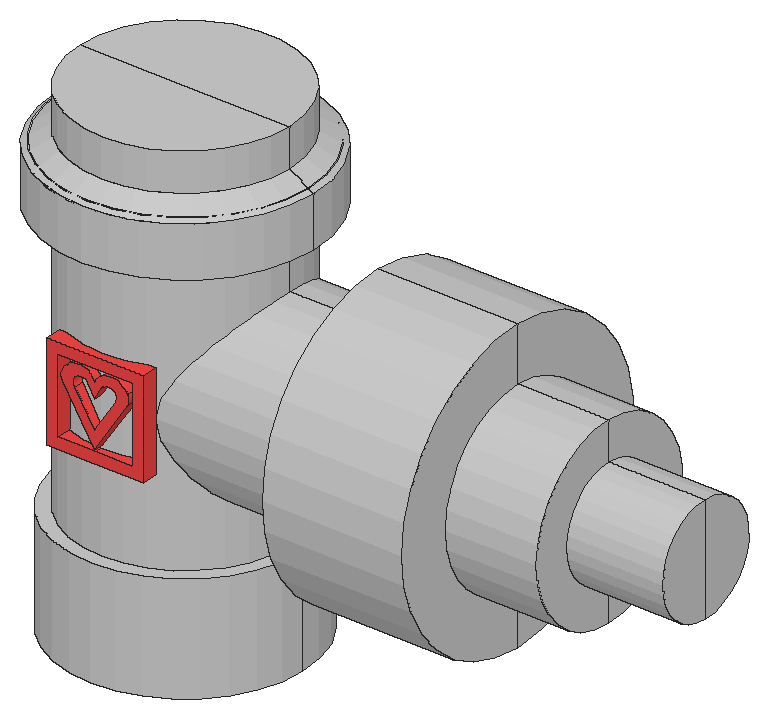
Revit family "Клапан для отключения радиатора HERZ-RL-5 с возможностью гидравлической настройки и слива, угловой 3924", category Rohrzubehör, Revit 2020
Family settings
  Bemaßung runder Anschluss = Durchmesser verwenden
  Teiletyp = Unterbricht
  OmniClass-Nummer = 23.65.55.14
  OmniClass-Titel = Valves for Liquid Services
  Arbeitsebenenbasiert = Nein
  Immer vertikal = Nein
  Beim Laden mit Abzugskörper schneiden = Nein
  Gemeinsam genutzt = Nein
Parameters
  Среда = "Качество воды в соответствии с ÖNORM H 5195 или директивой VDI 2035."
  Область применения = "Система водяного отопления. С помощью установки радиаторных запорных клапанов возможно осуществить перекрытие обратного потока нагревательных приборов. При одновременном перекрытии с клапаном на подающем трубопроводе возможен демонтаж радиатора в системе, которая находится под давлением. Промывку радиатора или ремонт помещения (оклеивание обоями, облицовку плиткой) можно проводить, не прерывая работу системы. С помощью клапана для отключения радиатора HERZ-RL-5 можно настроить расход воды, протекающей через радиатор, в соответствии с требуемой мощностью. Установка данного клапана особенно рекомендуется при монтаже термостатических клапанов без преднастройки, что способствует экономному расходу воды и поддержанию устойчивой работы системы.  При помощи клапана HERZ-RL-5 можно заполнить или опорожнить радиаторы или систему."
  Номер заказа [instance] = size_lookup("3924_5_", "Artnr", 0, Nennweite)  # 1392400
  Макс. рабочее давление = 1000000.0 Pa  # constant formula
  Макс. рабочая температура = 120 °C  # constant formula
  Корпус = "Никелированная латунь"  # constant formula
  Исполнение = "Все модели поставляются в никелированном исполнении, это универсальные модели со специальной муфтой для резьбовой трубы и компрессионных фитингов."
  W01 = 120.00°  # constant formula
  Vorgabe-Ansicht = 0.000 mm
  URL = "www.herz-armaturen.ru"
  SCRNSEQ = "ARM;ARM_TYP=\"ALLF\";2"
  SCRNCODE = "05;01;02"  # constant formula
  S04 = 45.000 mm  # constant formula
  S03 [instance] = H02 - 5.000 mm + 41.000 mm  # 54.000 mm
  S02 [instance] = L04 + L03 - L02  # 23.000 mm
  S01 = 10.000 mm  # constant formula
  R04 = 9.750 mm  # constant formula
  R03 = 12.000 mm  # constant formula
  R02 = 9.750 mm  # constant formula
  Nennweite [instance] = 10.000 mm
  LO1 [instance] = D03 - 0.500 mm  # 11.000 mm
  L04 [instance] = size_lookup("3924_5_", "L4", 1.000 mm, Nennweite)  # 17.500 mm
  L03 [instance] = size_lookup("3924_5_", "L3", 1.000 mm, Nennweite)  # 13.000 mm
  L02 [instance] = size_lookup("3924_5_", "L2", 1.000 mm, Nennweite)  # 7.500 mm
  L01 [instance] = size_lookup("3924_5_", "L1", 1.000 mm, Nennweite)  # 25.500 mm
  Hersteller = "HERZ Armaturen Ges.m.b.H."  # constant formula
  H07 [instance] = H02 - H04  # 13.000 mm
  H06 = 3.500 mm  # constant formula
  H05 = 9.500 mm  # constant formula
  H04 = 5.000 mm  # constant formula
  H03 [instance] = size_lookup("3924_5_", "H3", 1.000 mm, Nennweite)  # 10.000 mm
  H02 [instance] = size_lookup("3924_5_", "H2", 1.000 mm, Nennweite)  # 18.000 mm
  H01 [instance] = size_lookup("3924_5_", "H1", 1.000 mm, Nennweite)  # 22.500 mm
  GT1 [instance] = size_lookup("3924_5_", "GT1", 1.000 mm, Nennweite)  # 9.000 mm
  GT [instance] = size_lookup("3924_5_", "GT", 1.000 mm, Nennweite)  # 10.000 mm
  G2 [instance] = Nennweite / 2  # 5.000 mm
  G1 [instance] = Nennweite / 2  # 5.000 mm
  R01 = 11.000 mm  # constant formula
  D06 [instance] = 8.750 mm  # constant formula
  D05 [instance] = size_lookup("3924_5_", "D5", 1.000 mm, Nennweite)  # 8.500 mm
  D04 [instance] = size_lookup("3924_5_", "D4", 1.000 mm, Nennweite)  # 13.500 mm
  D03 [instance] = 11.500 mm  # constant formula
  D02 [instance] = size_lookup("3924_5_", "D2", 1.000 mm, Nennweite)  # 7.940 mm
  D01 [instance] = size_lookup("3924_5_", "D1", 1.000 mm, Nennweite)  # 11.000 mm
Reference planes
  plane 1 "Mitte (Vorne/hinten)": y = 0
  plane 2: z = 0
  plane 3 "Mitte (Links/rechts)": x = 0
Forms (mm)
  Revolve 1, solid, material "Messing, weicher Gelbton, geschweißt", detail levels fine
    sketch origin (0, 0, 0) x (1, 0, 0) y (0, 0, 1)
      loop
        line (0, 18) -> (-11.5, 18) -> (-11.5, 13) -> (-9.75, 13) -> (-9.75, -12.5) -> (-11, -12.5) -> (-11, -22.5) -> (-5, -22.5) -> (-5, -12.5) -> (0, -12.5) -> (0, 18)
      axis (0, 18) -> (0, -22.5)
    angle from 0 to 360
  Revolve 2, solid, material "Messing, weicher Gelbton, geschweißt", detail levels fine
    sketch origin (0, 0, 0) x (1, 0, 0) y (0, 0, 1)
      loop
        line (0, 0) -> (25.5, 0) -> (25.5, 7.94) -> (18, 7.94) -> (18, 8.75) -> (0, 8.75) -> (0, 0)
      axis (0, 0) -> (25.5, 0)
    angle from 0 to 360
  Revolve 3, solid, material "Messing, weicher Gelbton, geschweißt", detail levels fine
    sketch origin (-1, 0, 0) x (1, 0, 0) y (0, 0, 1)
      loop
        line (26.5, 0) -> (49.5, 0) -> (49.5, 5) -> (40.5, 5) -> (40.5, 8.5) -> (32, 8.5) -> (32, 13.5) -> (19, 13.5) -> (19, 7.94) -> (26.5, 7.94) -> (26.5, 0)
      axis (19, 0) -> (49.5, 0)
    angle from 0 to 360
  Revolve 4, solid, material "Messing, weicher Gelbton, geschweißt", detail levels fine
    sketch origin (0, 0, 1.5) x (1, 0, 0) y (0, 0, 1)
      loop
        line (0, 11.5) -> (12, 11.5) -> (12, 16.201) -> (9.75, 17.5) -> (9.75, 21) -> (0, 21) -> (0, 11.5)
      axis (0, 21) -> (0, 11.5)
    angle from 0 to 360
Lines and regions (mm)
  model lines, detail levels coarse+medium
    curve 1: line (0, 0, 0) -> (11, 0, -22.5)
    curve 2: line (11, 0, -22.5) -> (-11, 0, -22.5)
    curve 3: line (-11, 0, -22.5) -> (0, 0, 0)
    curve 4: line (0, 0, 0) -> (25.5, 0, 13.5)
    curve 5: line (25.5, 0, 13.5) -> (25.5, 0, -13.5)
    curve 6: line (25.5, 0, -13.5) -> (0, 0, 0)
    curve 7: line (25.5, 0, 13.5) -> (35.5, 0, 13.5)
    curve 8: line (35.5, 0, 13.5) -> (25.5, 0, 0)
    curve 9: line (25.5, 0, -13.5) -> (35.5, 0, -13.5)
    curve 10: line (35.5, 0, -13.5) -> (25.5, 0, 0)
    curve 11: line (25.5, 0, 0) -> (48.5, 0, 0)
    curve 12: line (0, 0, 0) -> (11, -22.5, 0)
    curve 13: line (11, -22.5, 0) -> (-11, -22.5, 0)
    curve 14: line (-11, -22.5, 0) -> (0, 0, 0)
    curve 15: line (0, 0, 0) -> (25.5, 13.5, 0)
    curve 16: line (25.5, 13.5, 0) -> (25.5, -13.5, 0)
    curve 17: line (25.5, -13.5, 0) -> (0, 0, 0)
    curve 18: line (25.5, 13.5, 0) -> (35.5, 13.5, 0)
    curve 19: line (35.5, 13.5, 0) -> (25.5, 0, 0)
    curve 20: line (25.5, -13.5, 0) -> (35.5, -13.5, 0)
    curve 21: line (25.5, 0, 0) -> (35.5, -13.5, 0)
Dimensions and locks
  "H02": Revolve 1 sketch curve to plane 2
  "H01": plane 2 to Revolve 1 sketch curve
  "G1": Revolve 1 sketch curve to Revolve 1 sketch curve
  "D01": Revolve 1 sketch curve to Revolve 1 sketch curve
  "GT": Revolve 1 sketch curve to Revolve 1 sketch curve
  "H03": Revolve 1 sketch curve to Revolve 1 sketch curve
  "D02": Revolve 2 sketch curve to Revolve 2 sketch curve
  "D06": Revolve 2 sketch curve to Revolve 2 sketch curve
  "L02": Revolve 2 sketch curve to Revolve 2 sketch curve
  "R02": nested 1 to plane 1 "Mitte (Vorne/hinten)"
  "L02": Revolve 3 sketch curve to Revolve 3 sketch curve
  "L03": Revolve 3 sketch curve to Revolve 3 sketch curve
  "L04": Revolve 3 sketch curve to Revolve 3 sketch curve
  "D04": Revolve 3 sketch curve to Revolve 3 sketch curve
  "G2": Revolve 3 sketch curve to Revolve 3 sketch curve
  "D05": Revolve 3 sketch curve to Revolve 3 sketch curve
  "GT1": Revolve 3 sketch curve to Revolve 3 sketch curve
  "L01": plane 3 "Mitte (Links/rechts)" to Revolve 3 sketch curve
  "D02": Revolve 3 sketch curve to plane 2
  "H01": plane 2 to curve 2
  "L01": curve 5 to plane 3 "Mitte (Links/rechts)"
  "D01": curve 2 to plane 3 "Mitte (Links/rechts)" to curve 3
  "D04": curve 5 to plane 2 to curve 6
  "S01": curve 5 to curve 8
  "S01": curve 5 to curve 10
  "S02": curve 11 to curve 11
  "H01": curve 13 to plane 1 "Mitte (Vorne/hinten)"
  "D01": curve 14 to plane 3 "Mitte (Links/rechts)" to curve 13
  "L01": plane 3 "Mitte (Links/rechts)" to curve 16
  "D04": curve 17 to plane 1 "Mitte (Vorne/hinten)" to curve 16
  "S01": curve 16 to curve 19
  "S01": curve 16 to curve 21
  "R02": Revolve 1 sketch curve to Revolve 1 sketch curve
  "D03": Revolve 1 sketch curve to Revolve 1 sketch curve
  "H04": Revolve 1 sketch curve to Revolve 1 sketch curve
  "L01": Revolve 2 sketch curve to plane 3 "Mitte (Links/rechts)"
  "H05": Revolve 4 sketch curve to Revolve 4 sketch curve
  "R04": Revolve 4 sketch curve to Revolve 4 sketch curve
  "R03": Revolve 4 sketch curve to Revolve 4 sketch curve
  "H06": Revolve 4 sketch curve to Revolve 4 sketch curve
  "H07": Revolve 4 sketch curve to plane 2
  "W01": angle Revolve 4 sketch curve to Revolve 4 sketch curve
  aligned and locked: level to plane 2
Automatic sketch dimensions
  curve 4 to level = 0.000 mm
  curve 4 to plane 3 "Mitte (Links/rechts)" = 0.000 mm
  curve 11 to level = 0.000 mm
  curve 8 to level = 0.000 mm
  plane 1 "Mitte (Vorne/hinten)" to curve 14 = 0.000 mm
  curve 14 to plane 3 "Mitte (Links/rechts)" = 0.000 mm
  plane 1 "Mitte (Vorne/hinten)" to curve 19 = 0.000 mm
  Revolve 1 sketch curve to plane 3 "Mitte (Links/rechts)" = 0.000 mm  (x2)
  Revolve 1 sketch curve to Revolve 1 sketch curve = 345.545 mm
  Revolve 1 sketch curve to Revolve 1 sketch curve = 2189.815 mm
  Revolve 2 sketch curve to level = 0.000 mm  (x2)
  Revolve 2 sketch curve to plane 3 "Mitte (Links/rechts)" = 0.000 mm
  Revolve 2 sketch curve to plane 3 "Mitte (Links/rechts)" = 9.500 mm
  Revolve 2 sketch curve to Revolve 2 sketch curve = 1815.148 mm
  Revolve 3 sketch curve to level = 0.000 mm  (x2)
  Revolve 3 sketch curve to plane 3 "Mitte (Links/rechts)" = 1507.530 mm
  Revolve 3 sketch curve to Revolve 3 sketch curve = 1789.648 mm
  Revolve 4 sketch curve to plane 3 "Mitte (Links/rechts)" = 0.000 mm  (x2)
  Revolve 4 sketch curve to level = 364.545 mm
  Revolve 4 sketch curve to Revolve 4 sketch curve = 2188.615 mm
Nested families
  nested 1: "Herz-Logo-vorne" at (0, -9.75, 0) x (0, -1, 0) z (0, 0, 1), type "Herz-Logo-vorne", detail levels fine
Connectors
  piping at (0, 0, -12.5), diameter 10, driven by "Nennweite"
    settings: on Revolve 1, index 1, connector inside diameter 609.6 mm, connector length 0.000 mm, flow factor 0, pipe flow 0.0 L/s, pressure drop 0.0 Pa, fitting loss kfactor 0, connector angle 0.00°, fixture units 0, engagement length 0.000 mm, angle of deflection 0.00°, flow configuration 0, flow direction 1, fitting loss method 0, system type 8, joint type 0, gender type 0, connector reference index -1, connector utility 0, adjustable connector no, is connector primary yes, connector description ""
  piping at (48.5, 0, 0), diameter 10, driven by "Nennweite"
    settings: on Revolve 3, index 2, connector inside diameter 609.6 mm, connector length 0.000 mm, flow factor 0, pipe flow 0.0 L/s, pressure drop 0.0 Pa, fitting loss kfactor 0, connector angle 0.00°, fixture units 0, engagement length 0.000 mm, angle of deflection 0.00°, flow configuration 0, flow direction 2, fitting loss method 0, system type 8, joint type 0, gender type 0, connector reference index -1, connector utility 0, adjustable connector no, is connector primary no, connector description ""
Definition of nested family "Herz-Logo-vorne"
  Parameters (values of type "Herz-Logo-vorne")
    Default Elevation = 0.000 mm
  Reference planes
    plane 1 "Mitte (Vorne/hinten)": y = 0
    plane 2: z = 0
    plane 3 "Mitte (Links/rechts)": x = 0
  Forms (mm)
    Extrusion 1, solid
      sketch origin (0.732, -0.018, 0.017) x (0, -1, 0) y (0, 0, 1)
        loop
          line (-0.018, -4.517) -> (4.482, -4.517) -> (4.482, 4.483) -> (-4.518, 4.483) -> (-4.518, -4.517) -> (-0.018, -4.517)
        loop
          line (-0.05, -3.48) -> (3.482, -3.48) -> (3.482, 3.483) -> (-3.518, 3.483) -> (-3.518, -3.48) -> (-0.05, -3.48)
        loop
          arc (-0.018, 2.383) -> (-1.543, 3.287) -> (-3.067, 2.383) r 1.738
          arc (-3.067, 2.383) -> (-3.191, 1.899) -> (-3.067, 1.415) r 1.009
          line (-3.067, 1.415) -> (-0.018, -3.281) -> (3.032, 1.415)
          arc (3.032, 1.415) -> (3.156, 1.899) -> (3.032, 2.383) r 1.009
          arc (3.032, 2.383) -> (1.507, 3.287) -> (-0.018, 2.383) r 1.738
        loop
          arc (1.885, 1.272) -> (2.005, 1.675) -> (1.885, 2.079) r 0.74
          arc (1.885, 2.079) -> (1.265, 2.416) -> (0.644, 2.079) r 0.74
          line (0.644, 2.079) -> (-0.018, 0.97) -> (-0.679, 2.079)
          arc (-0.679, 2.079) -> (-1.3, 2.416) -> (-1.921, 2.079) r 0.74
          arc (-1.921, 2.079) -> (-2.04, 1.675) -> (-1.921, 1.272) r 0.74
          line (-1.921, 1.272) -> (-0.018, -1.658) -> (1.885, 1.272)
      from 0 to 1.5
  Dimensions and locks
    aligned and locked: level to plane 2
